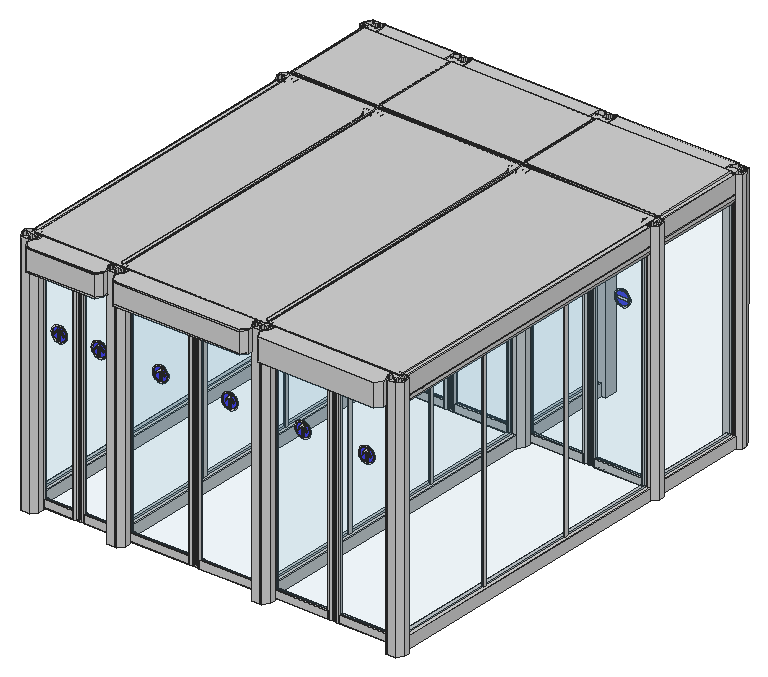
Revit family "ASSA_ABLOY_SecurityPortal_EL_Twin", category Doors, Revit 2020 (continued)
Definition of nested family "Advance"
  Dimensions and locks
    aligned and locked: Extrusion 27 sketch curve to plane 36
    aligned and locked: Extrusion 27 to plane 10
    aligned and locked: Extrusion 27 to plane 12
    aligned and locked: Extrusion 28 to plane 4 "Top"
    aligned and locked: Extrusion 29 to plane 4 "Top"
    aligned and locked: plane 27 to Extrusion 29
    aligned and locked: Extrusion 29 to plane 29
    aligned and locked: plane 28 to Extrusion 28
    aligned and locked: plane 13 to Extrusion 28
    aligned and locked: Extrusion 28 sketch curve to plane 36
    aligned and locked: Extrusion 28 sketch curve to plane 1 "Entry"
    aligned and locked: Extrusion 27 sketch curve to plane 1 "Entry"
    aligned and locked: plane 4 "Top" to Extrusion 27 sketch curve
    aligned and locked: Sweep 13 sketch curve to plane 36
    aligned and locked: Sweep 13 sketch curve to plane 17
    aligned and locked: Sweep 13 sketch curve to plane 6
    aligned and locked: plane 41 to Sweep 13 sketch curve
    aligned and locked: Sweep 16 to plane 36
    aligned and locked: Sweep 16 sketch curve to plane 36
    aligned and locked: plane 41 to Sweep 16 sketch curve
    aligned and locked: Sweep 16 sketch curve to plane 19
    aligned and locked: plane 20 to Sweep 16 sketch curve
    aligned and locked: plane 42 to Extrusion 30 sketch curve
    aligned and locked: plane 43 to Extrusion 30 sketch curve
    aligned and locked: plane 41 to Extrusion 5 sketch curve
    aligned and locked: plane 20 to Extrusion 5 sketch curve
    aligned and locked: Extrusion 5 sketch curve to plane 36  (x2)
    aligned and locked: Extrusion 5 sketch curve to plane 22
    aligned and locked: plane 43 to Extrusion 3 sketch curve
  Automatic sketch dimensions
    plane 1 "Entry" to curve 2 = 0.00 mm
    plane 1 "Entry" to curve 3 = 0.00 mm
    curve 2 to plane 36 = 0.00 mm
    curve 3 to plane 36 = 0.00 mm
    Sweep 1 sketch curve to plane 7 = 0.00 mm
    Sweep 1 sketch curve to Sweep 1 sketch curve = 0.00 mm  (x6)
    plane 5 "PH" to Sweep 1 sketch curve = 41.60 mm
    profile plane to Sweep 1 sketch curve = 121.15 mm
    Sweep 1 sketch curve to Sweep 1 sketch curve = 2.00 mm
    Sweep 1 sketch curve to Sweep 1 sketch curve = 3.00 mm  (x3)
    Sweep 1 sketch curve to Sweep 1 sketch curve = 3.50 mm
    Sweep 1 sketch curve to plane 5 "PH" = 28.70 mm
    Sweep 1 sketch curve to Sweep 1 sketch curve = 17.32 mm  (x2)
    Sweep 1 sketch curve to Sweep 1 sketch curve = 11.68 mm  (x2)
    Sweep 1 sketch curve to Sweep 1 sketch curve = 14.00 mm
    Sweep 1 sketch curve to Sweep 1 sketch curve = 45.00 mm
    profile plane to Sweep 1 sketch curve = 46.15 mm
    plane 5 "PH" to Sweep 1 sketch curve = 1.30 mm  (x2)
    Sweep 1 sketch curve to Sweep 1 sketch curve = 4.40 mm  (x3)
    Sweep 1 sketch curve to Sweep 1 sketch curve = 9.60 mm
    Sweep 1 sketch curve to Sweep 1 sketch curve = 1.00 mm
    Sweep 1 sketch curve to Sweep 1 sketch curve = 63.75 mm
    Sweep 1 sketch curve to Sweep 1 sketch curve = 37.00 mm
    Sweep 1 sketch curve to Sweep 1 sketch curve = 64.25 mm
    Sweep 2 sketch curve to plane 6 = 0.00 mm
    Sweep 2 sketch curve to Sweep 2 sketch curve = 0.00 mm  (x5)
    Sweep 2 sketch curve to profile plane = 43.15 mm
    Sweep 2 sketch curve to profile plane = 46.15 mm
    Sweep 2 sketch curve to plane 5 "PH" = 28.70 mm  (x2)
    Sweep 2 sketch curve to Sweep 2 sketch curve = 17.32 mm
    Sweep 2 sketch curve to profile plane = 71.15 mm
    Sweep 2 sketch curve to Sweep 2 sketch curve = 11.68 mm  (x2)
    Sweep 2 sketch curve to Sweep 2 sketch curve = 3.00 mm  (x2)
    Sweep 2 sketch curve to Sweep 2 sketch curve = 14.00 mm
    plane 5 "PH" to Sweep 2 sketch curve = 41.60 mm
    Sweep 2 sketch curve to Sweep 2 sketch curve = 26.50 mm
    Sweep 2 sketch curve to Sweep 2 sketch curve = 45.00 mm
    Sweep 2 sketch curve to Sweep 2 sketch curve = 3.50 mm
    Sweep 2 sketch curve to Sweep 2 sketch curve = 5.50 mm
    Sweep 2 sketch curve to Sweep 2 sketch curve = 2.00 mm
    Sweep 2 sketch curve to Sweep 2 sketch curve = 4.40 mm  (x2)
    Sweep 2 sketch curve to Sweep 2 sketch curve = 9.60 mm
    plane 5 "PH" to Sweep 2 sketch curve = 1.30 mm  (x2)
    Sweep 2 sketch curve to Sweep 2 sketch curve = 1.00 mm
    Sweep 2 sketch curve to Sweep 2 sketch curve = 63.75 mm
    Sweep 2 sketch curve to Sweep 2 sketch curve = 37.00 mm
    Sweep 2 sketch curve to Sweep 2 sketch curve = 64.25 mm
    Sweep 6 sketch curve to plane 19 = 0.10 mm
    Sweep 6 sketch curve to Sweep 6 sketch curve = 0.00 mm  (x5)
    Sweep 6 sketch curve to profile plane = 43.15 mm
    Sweep 6 sketch curve to profile plane = 46.15 mm
    Sweep 6 sketch curve to plane 5 "PH" = 28.70 mm  (x2)
    Sweep 6 sketch curve to Sweep 6 sketch curve = 17.32 mm
    Sweep 6 sketch curve to profile plane = 71.15 mm
    Sweep 6 sketch curve to Sweep 6 sketch curve = 11.68 mm  (x2)
    Sweep 6 sketch curve to Sweep 6 sketch curve = 3.00 mm  (x2)
    Sweep 6 sketch curve to Sweep 6 sketch curve = 14.00 mm
    plane 5 "PH" to Sweep 6 sketch curve = 41.60 mm
    Sweep 6 sketch curve to Sweep 6 sketch curve = 26.50 mm
    Sweep 6 sketch curve to Sweep 6 sketch curve = 45.00 mm
    Sweep 6 sketch curve to Sweep 6 sketch curve = 3.50 mm
    Sweep 6 sketch curve to Sweep 6 sketch curve = 5.50 mm
    Sweep 6 sketch curve to Sweep 6 sketch curve = 2.00 mm
    Sweep 6 sketch curve to Sweep 6 sketch curve = 4.40 mm  (x2)
    Sweep 6 sketch curve to Sweep 6 sketch curve = 9.60 mm
    plane 5 "PH" to Sweep 6 sketch curve = 1.30 mm  (x2)
    Sweep 6 sketch curve to Sweep 6 sketch curve = 1.00 mm
    Sweep 6 sketch curve to Sweep 6 sketch curve = 63.75 mm
    Sweep 6 sketch curve to Sweep 6 sketch curve = 37.00 mm
    Sweep 6 sketch curve to Sweep 6 sketch curve = 64.25 mm
    Sweep 7 sketch curve to plane 22 = 0.10 mm
    Sweep 7 sketch curve to Sweep 7 sketch curve = 0.00 mm  (x5)
    Sweep 7 sketch curve to profile plane = 43.15 mm
    Sweep 7 sketch curve to profile plane = 46.15 mm
    Sweep 7 sketch curve to plane 5 "PH" = 28.70 mm  (x2)
    Sweep 7 sketch curve to Sweep 7 sketch curve = 17.32 mm
    Sweep 7 sketch curve to profile plane = 71.15 mm
    Sweep 7 sketch curve to Sweep 7 sketch curve = 11.68 mm  (x2)
    Sweep 7 sketch curve to Sweep 7 sketch curve = 3.00 mm  (x2)
    Sweep 7 sketch curve to Sweep 7 sketch curve = 14.00 mm
    plane 5 "PH" to Sweep 7 sketch curve = 41.60 mm
    Sweep 7 sketch curve to Sweep 7 sketch curve = 26.50 mm
    Sweep 7 sketch curve to Sweep 7 sketch curve = 45.00 mm
    Sweep 7 sketch curve to Sweep 7 sketch curve = 3.50 mm
    Sweep 7 sketch curve to Sweep 7 sketch curve = 5.50 mm
    Sweep 7 sketch curve to Sweep 7 sketch curve = 2.00 mm
    Sweep 7 sketch curve to Sweep 7 sketch curve = 4.40 mm  (x2)
    Sweep 7 sketch curve to Sweep 7 sketch curve = 9.60 mm
    plane 5 "PH" to Sweep 7 sketch curve = 1.30 mm  (x2)
    Sweep 7 sketch curve to Sweep 7 sketch curve = 1.00 mm
    Sweep 7 sketch curve to Sweep 7 sketch curve = 63.75 mm
    Sweep 7 sketch curve to Sweep 7 sketch curve = 37.00 mm
    Sweep 7 sketch curve to Sweep 7 sketch curve = 64.25 mm
    Sweep 8 sketch curve to level = 0.00 mm
    Sweep 8 sketch curve to plane 4 "Top" = 0.00 mm
    Sweep 8 sketch curve to profile plane = 0.00 mm
    Sweep 8 sketch curve to profile plane = 2.30 mm
    Sweep 8 sketch curve to profile plane = 19.90 mm
    Sweep 8 sketch curve to profile plane = 36.52 mm
    Sweep 8 sketch curve to Sweep 8 sketch curve = 0.946 mm
    Sweep 8 sketch curve to Sweep 8 sketch curve = 22.75 mm
    Sweep 8 sketch curve to Sweep 8 sketch curve = 16.93 mm
    Sweep 8 sketch curve to Sweep 8 sketch curve = 10.70 mm  (x2)
    Sweep 8 sketch curve to Sweep 8 sketch curve = 26.90 mm
    Sweep 8 sketch curve to Sweep 8 sketch curve = 7.00 mm  (x2)
    Sweep 8 sketch curve to Sweep 8 sketch curve = 8.50 mm  (x2)
    Sweep 8 sketch curve to Sweep 8 sketch curve = 5.00 mm  (x2)
    Sweep 8 sketch curve to Sweep 8 sketch curve = 25.20 mm
    Sweep 8 sketch curve to Sweep 8 sketch curve = 17.95 mm
    Sweep 8 sketch curve to Sweep 8 sketch curve = 3.40 mm
    Sweep 8 sketch curve to Sweep 8 sketch curve = 19.05 mm
    Sweep 8 sketch curve to Sweep 8 sketch curve = 20.752 mm
    Sweep 8 sketch curve to Sweep 8 sketch curve = 16.185 mm
    Sweep 8 sketch curve to Sweep 8 sketch curve = 0.746 mm
    Sweep 8 sketch curve to Sweep 8 sketch curve = 3.182 mm
    Sweep 8 sketch curve to Sweep 8 sketch curve = 22.95 mm
    Sweep 8 sketch curve to Sweep 8 sketch curve = 17.40 mm  (x2)
    Sweep 8 sketch curve to Sweep 8 sketch curve = 2.50 mm
    Sweep 8 sketch curve to Sweep 8 sketch curve = 6.71 mm
    Sweep 8 sketch curve to Sweep 8 sketch curve = 2.79 mm
    Sweep 8 sketch curve to Sweep 8 sketch curve = 20.00 mm
    Sweep 8 sketch curve to Sweep 8 sketch curve = 31.038 mm
    Sweep 8 sketch curve to Sweep 8 sketch curve = 1.028 mm
    Sweep 8 sketch curve to Sweep 8 sketch curve = 36.45 mm
    Sweep 8 sketch curve to Sweep 8 sketch curve = 61.45 mm
    Sweep 8 sketch curve to Sweep 8 sketch curve = 14.50 mm
    Sweep 8 sketch curve to Sweep 8 sketch curve = 0.00 mm  (x2)
    Sweep 8 sketch curve to Sweep 8 sketch curve = 21.303 mm  (x2)
    Sweep 8 sketch curve to Sweep 8 sketch curve = 1.754 mm  (x2)
    Sweep 8 sketch curve to Sweep 8 sketch curve = 1.746 mm  (x2)
    Sweep 8 sketch curve to Sweep 8 sketch curve = 36.56 mm
    Sweep 8 sketch curve to Sweep 8 sketch curve = 13.70 mm  (x2)
    Sweep 8 sketch curve to Sweep 8 sketch curve = 10.00 mm  (x2)
    Sweep 8 sketch curve to Sweep 8 sketch curve = 8.103 mm  (x2)
    Sweep 8 sketch curve to Sweep 8 sketch curve = 6.897 mm
    Extrusion 9 sketch curve to plane 36 = 15.00 mm
    Sweep 11 sketch curve to level = 0.00 mm
    Sweep 11 sketch curve to profile plane = 39.65 mm
    Sweep 11 sketch curve to Sweep 11 sketch curve = 5.00 mm  (x2)
    Sweep 11 sketch curve to Sweep 11 sketch curve = 28.00 mm  (x2)
    Sweep 11 sketch curve to Sweep 11 sketch curve = 19.00 mm
    level to Sweep 11 sketch curve = 70.00 mm
    Sweep 11 sketch curve to Sweep 11 sketch curve = 35.00 mm  (x2)
    Sweep 12 sketch curve to plane 6 = 0.00 mm
    Sweep 12 sketch curve to level = 0.00 mm
    profile plane to Sweep 12 sketch curve = 124.65 mm
    Sweep 12 sketch curve to Sweep 12 sketch curve = 5.00 mm  (x2)
    Sweep 12 sketch curve to Sweep 12 sketch curve = 28.00 mm  (x2)
    Sweep 12 sketch curve to Sweep 12 sketch curve = 19.00 mm
    level to Sweep 12 sketch curve = 70.00 mm
    Sweep 12 sketch curve to Sweep 12 sketch curve = 35.00 mm  (x2)
    curve 1 to curve 3 = 0.00 mm
    curve 3 to curve 1 = 8.20 mm
    curve 1 to curve 3 = 126.21 mm
    Sweep 13 sketch curve to plane 4 "Top" = 0.00 mm
    Sweep 13 sketch curve to level = 0.00 mm
    plane 17 to Sweep 13 sketch curve = 0.08 mm
    Sweep 13 sketch curve to profile plane = 2.30 mm
    Sweep 13 sketch curve to profile plane = 19.90 mm
    Sweep 13 sketch curve to profile plane = 34.215 mm
    Sweep 13 sketch curve to Sweep 13 sketch curve = 2.304 mm
    Sweep 13 sketch curve to Sweep 13 sketch curve = 22.75 mm
    Sweep 13 sketch curve to Sweep 13 sketch curve = 16.93 mm  (x2)
    Sweep 13 sketch curve to Sweep 13 sketch curve = 10.70 mm  (x2)
    Sweep 13 sketch curve to Sweep 13 sketch curve = 7.00 mm  (x2)
    Sweep 13 sketch curve to Sweep 13 sketch curve = 37.00 mm  (x2)
    Sweep 13 sketch curve to Sweep 13 sketch curve = 17.89 mm
    Sweep 13 sketch curve to Sweep 13 sketch curve = 5.00 mm
    Sweep 13 sketch curve to Sweep 13 sketch curve = 8.50 mm
    Sweep 13 sketch curve to Sweep 13 sketch curve = 2.504 mm
    Sweep 13 sketch curve to Sweep 13 sketch curve = 22.95 mm
    Sweep 13 sketch curve to Sweep 13 sketch curve = 17.40 mm
    Sweep 13 sketch curve to Sweep 13 sketch curve = 61.47 mm
    Sweep 13 sketch curve to Sweep 13 sketch curve = 61.528 mm
    Sweep 13 sketch curve to Sweep 13 sketch curve = 9.50 mm  (x2)
    Sweep 13 sketch curve to Sweep 13 sketch curve = 21.303 mm  (x2)
    Sweep 13 sketch curve to Sweep 13 sketch curve = 36.56 mm
    Sweep 13 sketch curve to Sweep 13 sketch curve = 0.00 mm
    Sweep 13 sketch curve to Sweep 13 sketch curve = 31.765 mm  (x2)
    Sweep 13 sketch curve to Sweep 13 sketch curve = 13.70 mm  (x2)
    Sweep 13 sketch curve to Sweep 13 sketch curve = 6.764 mm
    Sweep 13 sketch curve to Sweep 13 sketch curve = 6.88 mm
    Sweep 13 sketch curve to Sweep 13 sketch curve = 10.00 mm  (x2)
    Sweep 13 sketch curve to Sweep 13 sketch curve = 8.103 mm  (x2)
    Sweep 14 sketch curve to plane 4 "Top" = 0.00 mm
    plane 6 to Sweep 14 sketch curve = 0.00 mm
    Sweep 14 sketch curve to level = 0.00 mm
    Sweep 14 sketch curve to profile plane = 0.00 mm
    profile plane to Sweep 14 sketch curve = 2.30 mm
    profile plane to Sweep 14 sketch curve = 19.90 mm
    profile plane to Sweep 14 sketch curve = 36.52 mm
    Sweep 14 sketch curve to Sweep 14 sketch curve = 0.946 mm
    Sweep 14 sketch curve to Sweep 14 sketch curve = 22.75 mm
    Sweep 14 sketch curve to Sweep 14 sketch curve = 16.93 mm
    Sweep 14 sketch curve to Sweep 14 sketch curve = 10.70 mm  (x2)
    Sweep 14 sketch curve to Sweep 14 sketch curve = 26.90 mm
    Sweep 14 sketch curve to Sweep 14 sketch curve = 7.00 mm  (x2)
    Sweep 14 sketch curve to Sweep 14 sketch curve = 8.50 mm  (x2)
    Sweep 14 sketch curve to Sweep 14 sketch curve = 5.00 mm  (x2)
    Sweep 14 sketch curve to Sweep 14 sketch curve = 25.20 mm
    Sweep 14 sketch curve to Sweep 14 sketch curve = 17.95 mm
    Sweep 14 sketch curve to Sweep 14 sketch curve = 3.40 mm
    Sweep 14 sketch curve to Sweep 14 sketch curve = 19.05 mm
    Sweep 14 sketch curve to Sweep 14 sketch curve = 20.752 mm
    Sweep 14 sketch curve to Sweep 14 sketch curve = 16.185 mm
    Sweep 14 sketch curve to Sweep 14 sketch curve = 0.746 mm
    Sweep 14 sketch curve to Sweep 14 sketch curve = 3.182 mm
    Sweep 14 sketch curve to Sweep 14 sketch curve = 22.95 mm
    Sweep 14 sketch curve to Sweep 14 sketch curve = 17.40 mm  (x2)
    Sweep 14 sketch curve to Sweep 14 sketch curve = 2.50 mm
    Sweep 14 sketch curve to Sweep 14 sketch curve = 6.71 mm
    Sweep 14 sketch curve to Sweep 14 sketch curve = 2.79 mm
    Sweep 14 sketch curve to Sweep 14 sketch curve = 20.00 mm
    Sweep 14 sketch curve to Sweep 14 sketch curve = 31.038 mm
    Sweep 14 sketch curve to Sweep 14 sketch curve = 1.028 mm
    Sweep 14 sketch curve to Sweep 14 sketch curve = 36.45 mm
    Sweep 14 sketch curve to Sweep 14 sketch curve = 61.45 mm
    Sweep 14 sketch curve to Sweep 14 sketch curve = 14.50 mm
    Sweep 14 sketch curve to Sweep 14 sketch curve = 0.00 mm  (x2)
    Sweep 14 sketch curve to Sweep 14 sketch curve = 21.303 mm  (x2)
    Sweep 14 sketch curve to Sweep 14 sketch curve = 1.754 mm  (x2)
    Sweep 14 sketch curve to Sweep 14 sketch curve = 1.746 mm  (x2)
    Sweep 14 sketch curve to Sweep 14 sketch curve = 36.56 mm
    Sweep 14 sketch curve to Sweep 14 sketch curve = 13.70 mm  (x2)
    Sweep 14 sketch curve to Sweep 14 sketch curve = 10.00 mm  (x2)
    Sweep 14 sketch curve to Sweep 14 sketch curve = 8.103 mm  (x2)
    Sweep 14 sketch curve to Sweep 14 sketch curve = 6.897 mm
    Sweep 15 sketch curve to plane 4 "Top" = 0.00 mm
    plane 22 to Sweep 15 sketch curve = 0.00 mm
    Sweep 15 sketch curve to level = 0.00 mm
    Sweep 15 sketch curve to profile plane = 0.00 mm
    profile plane to Sweep 15 sketch curve = 2.30 mm
    profile plane to Sweep 15 sketch curve = 19.90 mm
    profile plane to Sweep 15 sketch curve = 36.52 mm
    Sweep 15 sketch curve to Sweep 15 sketch curve = 0.946 mm
    Sweep 15 sketch curve to Sweep 15 sketch curve = 22.75 mm
    Sweep 15 sketch curve to Sweep 15 sketch curve = 16.93 mm
    Sweep 15 sketch curve to Sweep 15 sketch curve = 10.70 mm  (x2)
    Sweep 15 sketch curve to Sweep 15 sketch curve = 26.90 mm
    Sweep 15 sketch curve to Sweep 15 sketch curve = 7.00 mm  (x2)
    Sweep 15 sketch curve to Sweep 15 sketch curve = 8.50 mm  (x2)
    Sweep 15 sketch curve to Sweep 15 sketch curve = 5.00 mm  (x2)
    Sweep 15 sketch curve to Sweep 15 sketch curve = 25.20 mm
    Sweep 15 sketch curve to Sweep 15 sketch curve = 17.95 mm
    Sweep 15 sketch curve to Sweep 15 sketch curve = 3.40 mm
    Sweep 15 sketch curve to Sweep 15 sketch curve = 19.05 mm
    Sweep 15 sketch curve to Sweep 15 sketch curve = 20.752 mm
    Sweep 15 sketch curve to Sweep 15 sketch curve = 16.185 mm
    Sweep 15 sketch curve to Sweep 15 sketch curve = 0.746 mm
    Sweep 15 sketch curve to Sweep 15 sketch curve = 3.182 mm
    Sweep 15 sketch curve to Sweep 15 sketch curve = 22.95 mm
    Sweep 15 sketch curve to Sweep 15 sketch curve = 17.40 mm  (x2)
    Sweep 15 sketch curve to Sweep 15 sketch curve = 2.50 mm
    Sweep 15 sketch curve to Sweep 15 sketch curve = 6.71 mm
    Sweep 15 sketch curve to Sweep 15 sketch curve = 2.79 mm
    Sweep 15 sketch curve to Sweep 15 sketch curve = 20.00 mm
    Sweep 15 sketch curve to Sweep 15 sketch curve = 31.038 mm
    Sweep 15 sketch curve to Sweep 15 sketch curve = 1.028 mm
    Sweep 15 sketch curve to Sweep 15 sketch curve = 36.45 mm
    Sweep 15 sketch curve to Sweep 15 sketch curve = 41.45 mm
    Sweep 15 sketch curve to Sweep 15 sketch curve = 14.50 mm
    Sweep 15 sketch curve to Sweep 15 sketch curve = 9.50 mm
    Sweep 15 sketch curve to Sweep 15 sketch curve = 26.303 mm
    Sweep 15 sketch curve to Sweep 15 sketch curve = 21.303 mm
    Sweep 15 sketch curve to Sweep 15 sketch curve = 1.754 mm
    Sweep 15 sketch curve to Sweep 15 sketch curve = 1.746 mm
    Sweep 15 sketch curve to Sweep 15 sketch curve = 36.56 mm
    Sweep 15 sketch curve to Sweep 15 sketch curve = 0.00 mm
    Sweep 15 sketch curve to Sweep 15 sketch curve = 33.898 mm
    Sweep 15 sketch curve to Sweep 15 sketch curve = 13.70 mm  (x2)
    Sweep 15 sketch curve to Sweep 15 sketch curve = 4.748 mm
    Sweep 15 sketch curve to Sweep 15 sketch curve = 10.00 mm  (x2)
    Sweep 15 sketch curve to Sweep 15 sketch curve = 8.103 mm  (x2)
    Sweep 15 sketch curve to Sweep 15 sketch curve = 6.897 mm
    Sweep 16 sketch curve to plane 4 "Top" = 0.00 mm
    plane 20 to Sweep 16 sketch curve = 0.00 mm
    Sweep 16 sketch curve to level = 0.00 mm
    Sweep 16 sketch curve to profile plane = 2.30 mm
    Sweep 16 sketch curve to profile plane = 19.90 mm
    Sweep 16 sketch curve to profile plane = 34.242 mm
    Sweep 16 sketch curve to Sweep 16 sketch curve = 2.277 mm
    Sweep 16 sketch curve to Sweep 16 sketch curve = 22.75 mm
    Sweep 16 sketch curve to Sweep 16 sketch curve = 16.93 mm  (x2)
    Sweep 16 sketch curve to Sweep 16 sketch curve = 10.70 mm  (x2)
    Sweep 16 sketch curve to Sweep 16 sketch curve = 7.00 mm  (x2)
    Sweep 16 sketch curve to Sweep 16 sketch curve = 37.00 mm  (x2)
    Sweep 16 sketch curve to Sweep 16 sketch curve = 15.503 mm
    Sweep 16 sketch curve to Sweep 16 sketch curve = 5.00 mm
    Sweep 16 sketch curve to Sweep 16 sketch curve = 8.50 mm
    Sweep 16 sketch curve to Sweep 16 sketch curve = 2.477 mm
    Sweep 16 sketch curve to Sweep 16 sketch curve = 22.95 mm
    Sweep 16 sketch curve to Sweep 16 sketch curve = 17.40 mm
    Sweep 16 sketch curve to Sweep 16 sketch curve = 61.45 mm
    Sweep 16 sketch curve to Sweep 16 sketch curve = 61.509 mm
    Sweep 16 sketch curve to Sweep 16 sketch curve = 9.50 mm  (x2)
    Sweep 16 sketch curve to Sweep 16 sketch curve = 21.303 mm  (x2)
    Sweep 16 sketch curve to Sweep 16 sketch curve = 36.56 mm
    Sweep 16 sketch curve to Sweep 16 sketch curve = 0.00 mm
    Sweep 16 sketch curve to Sweep 16 sketch curve = 31.765 mm  (x2)
    Sweep 16 sketch curve to Sweep 16 sketch curve = 13.70 mm  (x2)
    Sweep 16 sketch curve to Sweep 16 sketch curve = 6.822 mm  (x2)
    Sweep 16 sketch curve to Sweep 16 sketch curve = 10.00 mm  (x2)
    Sweep 16 sketch curve to Sweep 16 sketch curve = 8.103 mm  (x2)
    Sweep 17 sketch curve to plane 4 "Top" = 0.00 mm
    plane 19 to Sweep 17 sketch curve = 0.00 mm
    Sweep 17 sketch curve to level = 0.00 mm
    Sweep 17 sketch curve to profile plane = 0.00 mm
    profile plane to Sweep 17 sketch curve = 2.50 mm
    profile plane to Sweep 17 sketch curve = 19.90 mm
    profile plane to Sweep 17 sketch curve = 34.242 mm
    Sweep 17 sketch curve to Sweep 17 sketch curve = 2.396 mm
    Sweep 17 sketch curve to Sweep 17 sketch curve = 22.75 mm
    Sweep 17 sketch curve to Sweep 17 sketch curve = 16.811 mm
    Sweep 17 sketch curve to Sweep 17 sketch curve = 10.70 mm  (x2)
    Sweep 17 sketch curve to Sweep 17 sketch curve = 26.90 mm
    Sweep 17 sketch curve to Sweep 17 sketch curve = 7.00 mm  (x2)
    Sweep 17 sketch curve to Sweep 17 sketch curve = 8.50 mm  (x2)
    Sweep 17 sketch curve to Sweep 17 sketch curve = 5.00 mm  (x2)
    Sweep 17 sketch curve to Sweep 17 sketch curve = 25.20 mm
    Sweep 17 sketch curve to Sweep 17 sketch curve = 17.95 mm
    Sweep 17 sketch curve to Sweep 17 sketch curve = 3.40 mm
    Sweep 17 sketch curve to Sweep 17 sketch curve = 19.05 mm
    Sweep 17 sketch curve to Sweep 17 sketch curve = 20.752 mm
    Sweep 17 sketch curve to Sweep 17 sketch curve = 17.211 mm
    Sweep 17 sketch curve to Sweep 17 sketch curve = 3.182 mm
    Sweep 17 sketch curve to Sweep 17 sketch curve = 2.196 mm
    Sweep 17 sketch curve to Sweep 17 sketch curve = 22.95 mm
    Sweep 17 sketch curve to Sweep 17 sketch curve = 17.40 mm
    Sweep 17 sketch curve to Sweep 17 sketch curve = 17.60 mm
    Sweep 17 sketch curve to Sweep 17 sketch curve = 2.30 mm
    Sweep 17 sketch curve to Sweep 17 sketch curve = 6.71 mm
    Sweep 17 sketch curve to Sweep 17 sketch curve = 2.79 mm
    Sweep 17 sketch curve to Sweep 17 sketch curve = 20.00 mm
    Sweep 17 sketch curve to Sweep 17 sketch curve = 31.038 mm
    Sweep 17 sketch curve to Sweep 17 sketch curve = 1.028 mm
    Sweep 17 sketch curve to Sweep 17 sketch curve = 36.45 mm
    Sweep 17 sketch curve to Sweep 17 sketch curve = 41.45 mm
    Sweep 17 sketch curve to Sweep 17 sketch curve = 9.50 mm
    Sweep 17 sketch curve to Sweep 17 sketch curve = 0.00 mm  (x2)
    Sweep 17 sketch curve to Sweep 17 sketch curve = 26.303 mm
    Sweep 17 sketch curve to Sweep 17 sketch curve = 21.303 mm
    Sweep 17 sketch curve to Sweep 17 sketch curve = 36.56 mm
    Sweep 17 sketch curve to Sweep 17 sketch curve = 31.765 mm
    Sweep 17 sketch curve to Sweep 17 sketch curve = 31.824 mm
    Sweep 17 sketch curve to Sweep 17 sketch curve = 13.70 mm  (x2)
    Sweep 17 sketch curve to Sweep 17 sketch curve = 6.822 mm  (x2)
    Sweep 17 sketch curve to Sweep 17 sketch curve = 10.00 mm  (x2)
    Sweep 17 sketch curve to Sweep 17 sketch curve = 8.103 mm  (x2)
    Sweep 17 sketch curve to Sweep 17 sketch curve = 6.897 mm
    plane 19 to Sweep 19 sketch curve = 0.10 mm
    Sweep 19 sketch curve to level = 0.00 mm
    profile plane to Sweep 19 sketch curve = 124.65 mm
    Sweep 19 sketch curve to Sweep 19 sketch curve = 5.00 mm  (x2)
    Sweep 19 sketch curve to Sweep 19 sketch curve = 28.00 mm  (x2)
    Sweep 19 sketch curve to Sweep 19 sketch curve = 19.00 mm
    level to Sweep 19 sketch curve = 70.00 mm
    Sweep 19 sketch curve to Sweep 19 sketch curve = 35.00 mm  (x2)
    plane 22 to Sweep 21 sketch curve = 0.10 mm
    Sweep 21 sketch curve to level = 0.00 mm
    profile plane to Sweep 21 sketch curve = 124.65 mm
    Sweep 21 sketch curve to Sweep 21 sketch curve = 5.00 mm  (x2)
    Sweep 21 sketch curve to Sweep 21 sketch curve = 28.00 mm  (x2)
    Sweep 21 sketch curve to Sweep 21 sketch curve = 19.00 mm
    level to Sweep 21 sketch curve = 70.00 mm
    Sweep 21 sketch curve to Sweep 21 sketch curve = 35.00 mm  (x2)
    Extrusion 22 sketch curve to plane 41 = 2.53 mm
    Extrusion 22 sketch curve to plane 31 = 7.431 mm
    plane 41 to Extrusion 22 sketch curve = 1.338 mm
    plane 30 to Extrusion 22 sketch curve = 7.431 mm
    Extrusion 22 sketch curve to plane 41 = 59.692 mm
    Extrusion 22 sketch curve to plane 41 = 24.543 mm
    Extrusion 23 sketch curve to plane 17 = 0.00 mm
    Extrusion 23 sketch curve to plane 19 = 0.00 mm
    Extrusion 23 sketch curve to plane 37 = 2.031 mm
    plane 38 to Extrusion 23 sketch curve = 2.031 mm
    plane 41 to Extrusion 23 sketch curve = 1.341 mm
    plane 41 to Extrusion 23 sketch curve = 1.338 mm
    Extrusion 23 sketch curve to plane 41 = 24.543 mm
    Extrusion 23 sketch curve to plane 41 = 24.602 mm
    Extrusion 23 sketch curve to plane 36 = 15.268 mm
    Extrusion 24 sketch curve to plane 39 = 2.031 mm
    plane 40 to Extrusion 24 sketch curve = 2.031 mm
    Extrusion 24 sketch curve to plane 41 = 24.914 mm
    Extrusion 24 sketch curve to plane 41 = 24.855 mm
    Extrusion 24 sketch curve to plane 41 = 1.201 mm
    plane 41 to Extrusion 24 sketch curve = 1.028 mm
    Extrusion 25 sketch curve to plane 37 = 0.00 mm
    Extrusion 25 sketch curve to plane 38 = 0.00 mm
    Extrusion 25 sketch curve to Extrusion 25 sketch curve = 2.00 mm
    plane 38 to Extrusion 25 sketch curve = 2.00 mm
    Extrusion 26 sketch curve to plane 39 = 0.00 mm
    Extrusion 26 sketch curve to plane 40 = 0.00 mm
    Extrusion 26 sketch curve to plane 39 = 2.00 mm
    Extrusion 26 sketch curve to plane 43 = 0.001 mm
    plane 40 to Extrusion 26 sketch curve = 2.00 mm
    Extrusion 27 sketch curve to plane 1 "Entry" = 4.00 mm
    Extrusion 27 sketch curve to plane 36 = 4.00 mm
    plane 4 "Top" to Extrusion 27 sketch curve = 11.563 mm
    Extrusion 28 sketch curve to plane 4 "Top" = 0.00 mm
    Extrusion 28 sketch curve to plane 1 "Entry" = 4.00 mm
    Extrusion 28 sketch curve to plane 36 = 4.00 mm
    plane 4 "Top" to Extrusion 28 sketch curve = 11.563 mm
    Extrusion 29 sketch curve to plane 1 "Entry" = 0.00 mm
    Extrusion 29 sketch curve to plane 36 = 0.00 mm
    Extrusion 29 sketch curve to plane 4 "Top" = 0.00 mm
    Extrusion 29 sketch curve to plane 1 "Entry" = 4.00 mm
    Extrusion 29 sketch curve to plane 36 = 4.00 mm
    plane 4 "Top" to Extrusion 29 sketch curve = 11.563 mm
    plane 41 to Extrusion 30 sketch curve = 0.00 mm  (x2)
    Extrusion 30 sketch curve to plane 31 = 5.685 mm
    Extrusion 30 sketch curve to Extrusion 30 sketch curve = 2.00 mm  (x2)
    plane 30 to Extrusion 30 sketch curve = 7.115 mm
    plane 39 to Extrusion 5 sketch curve = 3.508 mm
    Extrusion 5 sketch curve to plane 40 = 0.285 mm
    plane 41 to Extrusion 5 sketch curve = 24.811 mm
    plane 41 to Extrusion 5 sketch curve = 24.87 mm
    plane 43 to Extrusion 4 sketch curve = 0.00 mm
    Extrusion 4 sketch curve to plane 17 = 0.00 mm
    Extrusion 4 sketch curve to plane 19 = 0.00 mm
    Extrusion 4 sketch curve to plane 36 = 0.00 mm  (x2)
    plane 37 to Extrusion 4 sketch curve = 2.00 mm
    Extrusion 4 sketch curve to plane 38 = 2.031 mm
    Extrusion 4 sketch curve to plane 41 = 1.363 mm
    Extrusion 4 sketch curve to plane 41 = 1.338 mm
    plane 41 to Extrusion 4 sketch curve = 24.543 mm
    plane 41 to Extrusion 4 sketch curve = 24.602 mm
    plane 41 to Extrusion 3 sketch curve = 0.00 mm
    Extrusion 3 sketch curve to plane 7 = 0.00 mm
    Extrusion 3 sketch curve to plane 6 = 0.00 mm
    Extrusion 3 sketch curve to plane 36 = 0.00 mm  (x2)
    plane 31 to Extrusion 3 sketch curve = 5.685 mm
    Extrusion 3 sketch curve to plane 41 = 1.202 mm
    Extrusion 3 sketch curve to plane 30 = 7.356 mm
    plane 41 to Extrusion 3 sketch curve = 24.734 mm
    plane 41 to Extrusion 3 sketch curve = 59.957 mm
